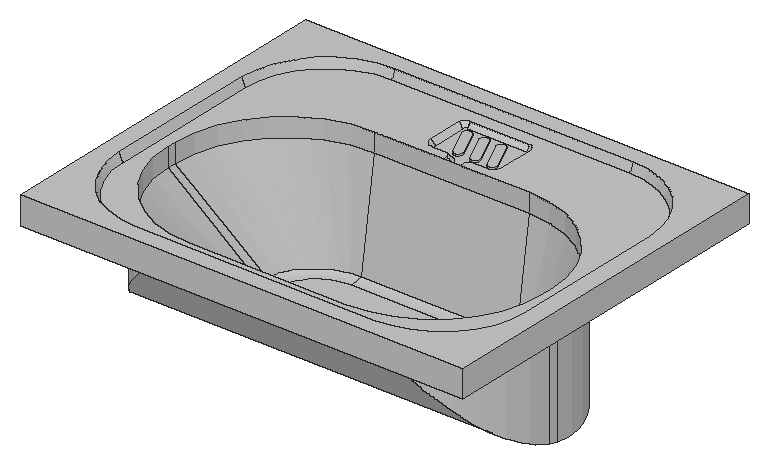
Revit family
Parameters (values of type "520 X 420")
  Height Of Basin = 172 mm
  Finished Floor Level = 900 mm
  Depth Of Basin = 270 mm
  Width Of Basin = 442 mm
  Waste Connection Radius = Waste Connection Diameter / 2  # 20 mm
  Waste Connection Diameter = 40 mm
  Waste Connection = 1 = 1  # yes
  WFU = 0
  Vent Connection = 1 = 0  # no
  URL = "http://www.autospec.co.za/browse.php?id=1644179284"
  Product Code = "None"
  OmniClass Title = ""
  OmniClass Number = ""
  Modspec Classification = ""
  Specification = ""
  Location (revit room) = ""
  Material = Stainless Steel Grade 304
  HW Connection = 1 = 0  # no
  Description = ""
  Depth = 420 mm
  Default Elevation = 0 mm
  Colour = none
  CW Connection = 1 = 0  # no
  Body Finish = none
  Width = 520 mm
  Model = "Single Wash Hand Basin SHB-001"
  Manufacturer = "Kwikot"  # constant formula
  Assembly Code = "D2010440"
Reference planes
  plane 1 "Back": y = 0
  plane 2 "Bottom": z = 0
  plane 3 "Center (Left/Right)": x = 0
  plane 4 "Left": x = -260
  plane 5 "Right": x = 260
  plane 6 "Front": y = -420
  plane 7 "Top": z = 900
  plane 8: z = 868
  plane 9 "Basin Center": x = -1
  plane 10: y = -380
  plane 11: y = -110
  plane 12: x = -222
  plane 13: x = 220
  plane 14: z = 728
Forms (mm)
  Extrusion 1, solid, material "Stainless Steel Grade 304" <- "Material"
    sketch origin (-260, -491, 4000) x (0, -1, 0) y (0, 0, 1)
      loop
        line (-491, -3132) -> (-71, -3132) -> (-71, -3100) -> (-491, -3100) -> (-491, -3132)
    from 0 to -520
  Blend 2, void
    base sketch origin (-779.234, -1524, 900) x (0, -1, 0) y (1, 0, 0)
      loop
        arc (-1504, 639.234) -> (-1474.711, 568.523) -> (-1404, 539.234) r 100
        line (-1404, 539.234) -> (-1224, 539.234)
        arc (-1224, 539.234) -> (-1153.289, 568.523) -> (-1124, 639.234) r 100
        line (-1124, 639.234) -> (-1124, 919.234)
        arc (-1124, 919.234) -> (-1153.289, 989.944) -> (-1224, 1019.234) r 100
        line (-1224, 1019.234) -> (-1404, 1019.234)
        arc (-1404, 1019.234) -> (-1474.711, 989.944) -> (-1504, 919.234) r 100
        line (-1504, 919.234) -> (-1504, 639.234)
    top sketch origin (-779.234, -1524, 900) x (0, -1, 0) y (1, 0, 0)
      loop
        arc (-1224, 543.234) -> (-1156.118, 571.351) -> (-1128, 639.234) r 96
        line (-1128, 639.234) -> (-1128, 919.234)
        arc (-1128, 919.234) -> (-1156.118, 987.116) -> (-1224, 1015.234) r 96
        line (-1224, 1015.234) -> (-1404, 1015.234)
        arc (-1404, 1015.234) -> (-1471.882, 987.116) -> (-1500, 919.234) r 96
        line (-1500, 919.234) -> (-1500, 639.234)
        arc (-1500, 639.234) -> (-1471.882, 571.351) -> (-1404, 543.234) r 96
        line (-1404, 543.234) -> (-1224, 543.234)
    from 0 to -10
  Extrusion 3, void
    sketch origin (-779.234, -1524, 900) x (0, -1, 0) y (-1, 0, 0)
      loop
        line (-1414, -687.234) -> (-1414, -869.234)
        arc (-1414, -869.234) -> (-1375.924, -961.158) -> (-1284, -999.234) r 130
        line (-1284, -999.234) -> (-1274, -999.234)
        arc (-1274, -999.234) -> (-1182.076, -961.158) -> (-1144, -869.234) r 130
        line (-1144, -869.234) -> (-1144, -687.234)
        arc (-1144, -687.234) -> (-1182.076, -595.31) -> (-1274, -557.234) r 130
        line (-1274, -557.234) -> (-1284, -557.234)
        arc (-1284, -557.234) -> (-1375.924, -595.31) -> (-1414, -687.234) r 130
    from 0 to 32
  Extrusion 4, solid, material "Stainless Steel Grade 304" <- "Material"
    sketch origin (-779.234, -1524, 868) x (-1, 0, 0) y (0, -1, 0)
      loop
        line (-549.234, -1284) -> (-549.234, -1272)
        arc (-549.234, -1272) -> (-588.188, -1177.955) -> (-682.234, -1139) r 133
        line (-682.234, -1139) -> (-874.234, -1139)
        arc (-874.234, -1139) -> (-968.279, -1177.955) -> (-1007.234, -1272) r 133
        line (-1007.234, -1272) -> (-1007.234, -1284)
        arc (-1007.234, -1284) -> (-968.279, -1378.045) -> (-874.234, -1417) r 133
        line (-874.234, -1417) -> (-682.234, -1417)
        arc (-682.234, -1417) -> (-588.188, -1378.045) -> (-549.234, -1284) r 133
    from 0 to -140
  Blend 5, void
    base sketch origin (-779.234, -1524, 900) x (0, -1, 0) y (1, 0, 0)
      loop
        arc (-1484, 744.734) -> (-1481.657, 739.077) -> (-1476, 736.734) r 8
        line (-1476, 736.734) -> (-1436, 736.734)
        arc (-1436, 736.734) -> (-1427.515, 740.248) -> (-1424, 748.734) r 12
        line (-1424, 748.734) -> (-1424, 764.234)
        arc (-1424, 764.234) -> (-1422.536, 767.769) -> (-1419, 769.234) r 5
        line (-1419, 769.234) -> (-1414, 769.234) -> (-1414, 789.234) -> (-1419, 789.234)
        arc (-1419, 789.234) -> (-1422.536, 790.698) -> (-1424, 794.234) r 5
        line (-1424, 794.234) -> (-1424, 809.734)
        arc (-1424, 809.734) -> (-1427.515, 818.219) -> (-1436, 821.734) r 12
        line (-1436, 821.734) -> (-1476, 821.734)
        arc (-1476, 821.734) -> (-1481.657, 819.391) -> (-1484, 813.734) r 8
        line (-1484, 813.734) -> (-1484, 744.734)
    top sketch origin (-779.234, -1524, 900) x (0, -1, 0) y (1, 0, 0)
      loop
        arc (-1436, 741.734) -> (-1431.05, 743.784) -> (-1429, 748.734) r 7
        line (-1429, 748.734) -> (-1429, 764.234)
        arc (-1429, 764.234) -> (-1426.071, 771.305) -> (-1419, 774.234) r 10
        line (-1419, 774.234) -> (-1417, 774.234) -> (-1417, 784.234) -> (-1419, 784.234)
        arc (-1419, 784.234) -> (-1426.071, 787.163) -> (-1429, 794.234) r 10
        line (-1429, 794.234) -> (-1429, 809.734)
        arc (-1429, 809.734) -> (-1431.05, 814.683) -> (-1436, 816.734) r 7
        line (-1436, 816.734) -> (-1476, 816.734)
        arc (-1476, 816.734) -> (-1478.121, 815.855) -> (-1479, 813.734) r 3
        line (-1479, 813.734) -> (-1479, 744.734)
        arc (-1479, 744.734) -> (-1478.121, 742.612) -> (-1476, 741.734) r 3
        line (-1476, 741.734) -> (-1436, 741.734)
    from -10 to -15
  Extrusion 6, solid, material "Stainless Steel Grade 304" <- "Material"
    sketch origin (-779.234, -1524, 900) x (-1, 0, 0) y (0, -1, 0)
      loop
        line (-747.445, -1467.587) -> (-762.236, -1435.867)
        arc (-762.236, -1435.867) -> (-768.881, -1433.448) -> (-771.299, -1440.093) r 5
        line (-771.299, -1440.093) -> (-756.508, -1471.814)
        arc (-756.508, -1471.814) -> (-749.863, -1474.232) -> (-747.445, -1467.587) r 5
      loop
        line (-767.445, -1467.587) -> (-782.236, -1435.867)
        arc (-782.236, -1435.867) -> (-788.881, -1433.448) -> (-791.299, -1440.093) r 5
        line (-791.299, -1440.093) -> (-776.508, -1471.814)
        arc (-776.508, -1471.814) -> (-769.863, -1474.232) -> (-767.445, -1467.587) r 5
      loop
        line (-787.445, -1467.587) -> (-802.236, -1435.867)
        arc (-802.236, -1435.867) -> (-808.881, -1433.448) -> (-811.299, -1440.093) r 5
        line (-811.299, -1440.093) -> (-796.508, -1471.814)
        arc (-796.508, -1471.814) -> (-789.863, -1474.232) -> (-787.445, -1467.587) r 5
    from -18 to -14
  Extrusion 7, void
    sketch origin (0, 0, 0) x (0, -1, 0) y (0, 0, 1)
      loop
        arc (385, 868) -> (310.879, 765.392) -> (190, 727.834) r 200.003
        line (190, 727.834) -> (190, 713) -> (400, 713) -> (400, 868) -> (385, 868)
      loop
        arc (155.145, 728) -> (123.384, 740.45) -> (107, 770.372) r 50
        line (107, 770.372) -> (102, 770.372) -> (102, 720.372) -> (155.145, 720.372) -> (155.145, 728)
    from -230 to 230
  Blend 8, void
    base sketch origin (-779.234, -1524, 868) x (0, -1, 0) y (1, 0, 0)
      loop
        line (-1144, 687.234) -> (-1144, 869.234)
        arc (-1144, 869.234) -> (-1182.076, 961.158) -> (-1274, 999.234) r 130
        line (-1274, 999.234) -> (-1284, 999.234)
        arc (-1284, 999.234) -> (-1375.924, 961.158) -> (-1414, 869.234) r 130
        line (-1414, 869.234) -> (-1414, 687.234)
        arc (-1414, 687.234) -> (-1375.924, 595.31) -> (-1284, 557.234) r 130
        line (-1284, 557.234) -> (-1274, 557.234)
        arc (-1274, 557.234) -> (-1182.076, 595.31) -> (-1144, 687.234) r 130
    top sketch origin (-779.234, -1524, 868) x (0, -1, 0) y (1, 0, 0)
      loop
        arc (-1394, 687.234) -> (-1378.62, 645.247) -> (-1339.759, 623.13) r 65
        arc (-1339.759, 623.13) -> (-1334.398, 622.458) -> (-1329, 622.234) r 65
        arc (-1329, 622.234) -> (-1283.038, 641.272) -> (-1264, 687.234) r 65
        line (-1264, 687.234) -> (-1264, 869.234)
        arc (-1264, 869.234) -> (-1283.038, 915.196) -> (-1329, 934.234) r 65
        arc (-1329, 934.234) -> (-1334.398, 934.009) -> (-1339.759, 933.337) r 65
        arc (-1339.759, 933.337) -> (-1378.62, 911.22) -> (-1394, 869.234) r 65
        line (-1394, 869.234) -> (-1394, 687.234)
    from 0 to -125
  Extrusion 9, solid, material "Stainless Steel Grade 304" <- "Material"
    sketch origin (-1108.106, -1524, 728) x (-1, 0, 0) y (0, -1, 0)
      loop
        circle (-1107.106, -1339) r 23
    from 0 to -20
  Extrusion 10, void
    sketch origin (-1108.106, -1524, 728) x (0, -1, 0) y (-1, 0, 0)
      loop
        circle (-1339, -1107.106) r 20
    from 20 to -15
  Sweep 11, solid, material "Stainless Steel Grade 304" <- "Material"
    path origin (-1108.106, -1524, 728) x (-1, 0, 0) y (0, -1, 0)
      loop
        line (-1016.106, -1264) -> (-1198.106, -1264)
        arc (-1198.106, -1264) -> (-1244.068, -1283.038) -> (-1263.106, -1329) r 65
        arc (-1263.106, -1329) -> (-1262.881, -1334.398) -> (-1262.209, -1339.759) r 65
        arc (-1262.209, -1339.759) -> (-1240.092, -1378.62) -> (-1198.106, -1394) r 65
        line (-1198.106, -1394) -> (-1016.106, -1394)
        arc (-1016.106, -1394) -> (-974.12, -1378.62) -> (-952.002, -1339.759) r 65
        arc (-952.002, -1339.759) -> (-951.33, -1334.398) -> (-951.106, -1329) r 65
        arc (-951.106, -1329) -> (-970.144, -1283.038) -> (-1016.106, -1264) r 65
    profile origin (-1, -260, 728) x (0, 1, 0) y (0, 0, 1)
      loop
        line (0, 15) -> (12.787, 15)
        arc (12.787, 15) -> (1.024, 17.402) -> (-8.855, 24.224) r 30
        line (-8.855, 24.224) -> (0, 15)
Cuts and joins
  Blend 2, Extrusion 3, Blend 5, Extrusion 7, Blend 8, Extrusion 10 cuts Extrusion 1
  Blend 5, Extrusion 7, Blend 8, Extrusion 10 cuts Extrusion 4
  Extrusion 7, Blend 8, Extrusion 10 cuts Extrusion 6
  joined: Extrusion 1, Extrusion 4, Extrusion 6, Sweep 11
  Extrusion 10 cuts Extrusion 9
Lines and regions (mm)
  symbolic lines
    curve 1: line (-260, 0, 900) -> (-260, -420, 900)
    curve 2: line (260, 0, 900) -> (-260, 0, 900)
    curve 3: line (260, -420, 900) -> (260, 0, 900)
    curve 4: line (-260, -420, 900) -> (260, -420, 900)
    curve 5: line (140, -400, 900) -> (-140, -400, 900)
    curve 6: line (-140, -396, 900) -> (140, -396, 900)
    curve 7: arc (-140, -400, 900) -> (-210.711, -370.711, 900) -> (-240, -300, 900) r 100
    curve 8: arc (-236, -300, 900) -> (-207.882, -367.882, 900) -> (-140, -396, 900) r 96
    curve 9: arc (240, -300, 900) -> (210.711, -370.711, 900) -> (140, -400, 900) r 100
    curve 10: arc (140, -396, 900) -> (207.882, -367.882, 900) -> (236, -300, 900) r 96
    curve 11: line (236, -300, 900) -> (236, -120, 900)
    curve 12: line (240, -120, 900) -> (240, -300, 900)
    curve 13: arc (236, -120, 900) -> (207.882, -52.118, 900) -> (140, -24, 900) r 96
    curve 14: arc (140, -20, 900) -> (210.711, -49.289, 900) -> (240, -120, 900) r 100
    curve 15: line (-140, -20, 900) -> (140, -20, 900)
    curve 16: line (140, -24, 900) -> (-140, -24, 900)
    curve 17: arc (-240, -120, 900) -> (-210.711, -49.289, 900) -> (-140, -20, 900) r 100
    curve 18: arc (-140, -24, 900) -> (-207.882, -52.118, 900) -> (-236, -120, 900) r 96
    curve 19: line (-240, -300, 900) -> (-240, -120, 900)
    curve 20: line (-236, -120, 900) -> (-236, -300, 900)
    curve 21: arc (-222, -240, 900) -> (-183.924, -148.076, 900) -> (-92, -110, 900) r 130
    curve 22: line (90, -110, 900) -> (-92, -110, 900)
    curve 23: arc (90, -110, 900) -> (181.924, -148.076, 900) -> (220, -240, 900) r 130
    curve 24: arc (220, -250, 900) -> (181.924, -341.924, 900) -> (90, -380, 900) r 130
    curve 25: line (220, -250, 900) -> (220, -240, 900)
    curve 26: line (-92, -380, 900) -> (90, -380, 900)
    curve 27: arc (-92, -380, 900) -> (-183.924, -341.924, 900) -> (-222, -250, 900) r 130
    curve 28: line (-222, -240, 900) -> (-222, -250, 900)
    curve 29: arc (-1, -165, 900) -> (19, -185, 900) -> (-1, -205, 900) r 20
    curve 30: arc (-1, -205, 900) -> (-21, -185, 900) -> (-1, -165, 900) r 20
    curve 31: line (-10, -110, 900) -> (-10, -105, 900)
    curve 32: arc (-10, -105, 900) -> (-11.464, -101.464, 900) -> (-15, -100, 900) r 5
    curve 33: line (-15, -100, 900) -> (-30.5, -100, 900)
    curve 34: arc (-30.5, -100, 900) -> (-38.985, -96.485, 900) -> (-42.5, -88, 900) r 12
    curve 35: line (-42.5, -88, 900) -> (-42.5, -48, 900)
    curve 36: arc (-42.5, -48, 900) -> (-40.157, -42.343, 900) -> (-34.5, -40, 900) r 8
    curve 37: line (-34.5, -40, 900) -> (34.5, -40, 900)
    curve 38: arc (34.5, -40, 900) -> (40.157, -42.343, 900) -> (42.5, -48, 900) r 8
    curve 39: line (42.5, -48, 900) -> (42.5, -88, 900)
    curve 40: arc (42.5, -88, 900) -> (38.985, -96.485, 900) -> (30.5, -100, 900) r 12
    curve 41: line (30.5, -100, 900) -> (15, -100, 900)
    curve 42: arc (15, -100, 900) -> (11.464, -101.464, 900) -> (10, -105, 900) r 5
    curve 43: line (10, -105, 900) -> (10, -110, 900)
    curve 44: line (5, -107, 900) -> (5, -105, 900)
    curve 45: arc (5, -105, 900) -> (7.929, -97.929, 900) -> (15, -95, 900) r 10
    curve 46: line (15, -95, 900) -> (30.5, -95, 900)
    curve 47: arc (30.5, -95, 900) -> (35.45, -92.95, 900) -> (37.5, -88, 900) r 7
    curve 48: line (37.5, -88, 900) -> (37.5, -48, 900)
    curve 49: arc (37.5, -48, 900) -> (36.621, -45.879, 900) -> (34.5, -45, 900) r 3
    curve 50: line (34.5, -45, 900) -> (-34.5, -45, 900)
    curve 51: arc (-34.5, -45, 900) -> (-36.621, -45.879, 900) -> (-37.5, -48, 900) r 3
    curve 52: line (-37.5, -48, 900) -> (-37.5, -88, 900)
    curve 53: arc (-37.5, -88, 900) -> (-35.45, -92.95, 900) -> (-30.5, -95, 900) r 7
    curve 54: line (-30.5, -95, 900) -> (-15, -95, 900)
    curve 55: arc (-15, -95, 900) -> (-7.929, -97.929, 900) -> (-5, -105, 900) r 10
    curve 56: line (-5, -105, 900) -> (-5, -107, 900)
    curve 57: line (-5, -107, 900) -> (5, -107, 900)
    curve 58: line (-5, -107, 900) -> (-10, -110, 900)
    curve 59: line (5, -107, 900) -> (10, -110, 900)
  symbolic lines, detail levels fine
    curve 60: line (-31.789, -56.413, 900) -> (-16.997, -88.133, 900)
    curve 61: arc (-16.997, -88.133, 900) -> (-10.353, -90.552, 900) -> (-7.934, -83.907, 900) r 5
    curve 62: line (-7.934, -83.907, 900) -> (-22.726, -52.186, 900)
    curve 63: arc (-22.726, -52.186, 900) -> (-29.371, -49.768, 900) -> (-31.789, -56.413, 900) r 5
    curve 64: line (-11.789, -56.413, 900) -> (3.003, -88.133, 900)
    curve 65: arc (3.003, -88.133, 900) -> (9.647, -90.552, 900) -> (12.066, -83.907, 900) r 5
    curve 66: line (12.066, -83.907, 900) -> (-2.726, -52.186, 900)
    curve 67: arc (-2.726, -52.186, 900) -> (-9.371, -49.768, 900) -> (-11.789, -56.413, 900) r 5
    curve 68: line (8.211, -56.413, 900) -> (23.003, -88.133, 900)
    curve 69: arc (23.003, -88.133, 900) -> (29.647, -90.552, 900) -> (32.066, -83.907, 900) r 5
    curve 70: line (32.066, -83.907, 900) -> (17.274, -52.186, 900)
    curve 71: arc (17.274, -52.186, 900) -> (10.629, -49.768, 900) -> (8.211, -56.413, 900) r 5
Dimensions and locks
  equal spacing: plane 4 "Left", plane 3 "Center (Left/Right)", plane 5 "Right"
  "Depth": plane 1 "Back" to plane 6 "Front"
  "Width": plane 4 "Left" to plane 5 "Right"
  "Finished Floor Level": plane 7 "Top" to plane 2 "Bottom"
  plane 10 to plane 6 "Front" = 40 mm
  "Depth Of Basin": plane 11 to plane 10
  "Width Of Basin": plane 12 to plane 13
  equal spacing: plane 12, plane 9 "Basin Center", plane 13
  locked: plane 9 "Basin Center" to plane 3 "Center (Left/Right)" at 1
  plane 7 "Top" to plane 8 = 32 mm
  "Height Of Basin": plane 7 "Top" to plane 14
  Blend 5 sketch curve to Blend 5 sketch curve = 20 mm
  Blend 5 sketch curve to Blend 5 sketch curve = 85 mm
  Blend 5 sketch curve to Blend 5 sketch curve = 60 mm
  plane 11 to curve 30 = 75 mm
  plane 11 to Extrusion 9 sketch curve = 75 mm
  radius of Extrusion 3 sketch curve = 130 mm  (x4)
  aligned and locked: level to plane 2 "Bottom"
  aligned and locked: Extrusion 1 sketch curve to plane 8
  aligned and locked: Extrusion 1 sketch curve to plane 1 "Back"
  aligned and locked: Extrusion 1 sketch curve to plane 6 "Front"
  aligned and locked: plane 7 "Top" to Extrusion 1 sketch curve
  aligned and locked: plane 4 "Left" to Extrusion 1
  aligned and locked: Extrusion 1 to plane 5 "Right"
  aligned and locked: plane 11 to Extrusion 3 sketch curve
  aligned and locked: Extrusion 3 sketch curve to plane 12
  aligned and locked: Extrusion 3 sketch curve to plane 10
  aligned and locked: plane 13 to Extrusion 3 sketch curve
  aligned and locked: plane 11 to Blend 5 sketch curve
  aligned and locked: cut or joined group 1 (Extrusion 1, Blend 2, Extrusion 3, Extrusion 4, Blend 5, Extrusion 6, Extrusion 7, Blend 8, Extrusion 10, Sweep 11) to Blend 5 sketch curve
  aligned and locked: curve 1 to cut or joined group 1
  aligned and locked: curve 2 to cut or joined group 1
  aligned and locked: curve 3 to cut or joined group 1
  aligned and locked: curve 4 to cut or joined group 1
  aligned and locked: curve 7 to cut or joined group 1
  aligned and locked: curve 8 to cut or joined group 1
  aligned and locked: curve 9 to cut or joined group 1
  aligned and locked: curve 10 to cut or joined group 1
  aligned and locked: curve 13 to cut or joined group 1
  aligned and locked: curve 14 to cut or joined group 1
  aligned and locked: curve 17 to cut or joined group 1
  aligned and locked: curve 18 to cut or joined group 1
  aligned and locked: curve 21 to cut or joined group 1
  aligned and locked: curve 23 to cut or joined group 1
  aligned and locked: curve 24 to cut or joined group 1
  aligned and locked: curve 27 to cut or joined group 1
  aligned and locked: curve 31 to cut or joined group 1
  aligned and locked: curve 32 to cut or joined group 1
  aligned and locked: curve 34 to cut or joined group 1
  aligned and locked: curve 36 to cut or joined group 1
  aligned and locked: curve 38 to cut or joined group 1
  aligned and locked: curve 40 to cut or joined group 1
  aligned and locked: curve 42 to cut or joined group 1
  aligned and locked: curve 44 to cut or joined group 1
  aligned and locked: curve 45 to cut or joined group 1
  aligned and locked: curve 47 to cut or joined group 1
  aligned and locked: curve 49 to cut or joined group 1
  aligned and locked: curve 51 to cut or joined group 1
  aligned and locked: curve 53 to cut or joined group 1
  aligned and locked: curve 55 to cut or joined group 1
  aligned and locked: curve 57 to cut or joined group 1
  aligned and locked: curve 58 to cut or joined group 1
  aligned and locked: curve 59 to cut or joined group 1
  aligned and locked: curve 61 to cut or joined group 1
  aligned and locked: curve 63 to cut or joined group 1
  aligned and locked: curve 65 to cut or joined group 1
  aligned and locked: curve 67 to cut or joined group 1
  aligned and locked: curve 69 to cut or joined group 1
  aligned and locked: curve 71 to cut or joined group 1
  aligned: plane 13 to cut or joined group 1
  aligned: cut or joined group 1 to plane 12
  aligned and locked: Blend 8 sketch curve to cut or joined group 1  (x4)
  aligned and locked: cut or joined group of Extrusion 9, Extrusion 10 to Extrusion 10
Automatic sketch dimensions
  plane 1 "Back" to Blend 2 sketch curve = 20 mm
  Blend 2 sketch curve to plane 11 = 10 mm  (x4)
  plane 10 to Blend 2 sketch curve = 80 mm  (x4)
  plane 5 "Right" to Blend 2 sketch curve = 20 mm
  plane 6 "Front" to Blend 2 sketch curve = 20 mm
  plane 12 to Blend 2 sketch curve = 82 mm
  plane 1 "Back" to Blend 2 sketch curve = 24 mm
  Blend 2 sketch curve to plane 12 = 14 mm
  plane 13 to Blend 2 sketch curve = 16 mm
  Blend 2 sketch curve to plane 10 = 16 mm
  plane 13 to Extrusion 4 sketch curve = 8 mm
  Extrusion 4 sketch curve to plane 10 = 5 mm
  Extrusion 4 sketch curve to plane 13 = 125 mm
  plane 3 "Center (Left/Right)" to Extrusion 4 sketch curve = 95 mm
  plane 11 to Extrusion 4 sketch curve = 3 mm
  Extrusion 4 sketch curve to plane 9 "Basin Center" = 96 mm
  plane 12 to Extrusion 4 sketch curve = 125 mm
  Extrusion 4 sketch curve to plane 12 = 8 mm
  plane 11 to Blend 5 sketch curve = 5 mm  (x2)
  Blend 5 sketch curve to Blend 5 sketch curve = 5 mm  (x2)
  Blend 5 sketch curve to Blend 5 sketch curve = 12 mm  (x2)
  Blend 5 sketch curve to Blend 5 sketch curve = 8 mm  (x2)
  Blend 5 sketch curve to plane 9 "Basin Center" = 41.5 mm
  Blend 5 sketch curve to plane 9 "Basin Center" = 14 mm  (x2)
  Blend 5 sketch curve to Blend 5 sketch curve = 2 mm  (x2)
  plane 11 to Blend 5 sketch curve = 15 mm
  Blend 5 sketch curve to Blend 5 sketch curve = 10 mm
  Blend 5 sketch curve to Blend 5 sketch curve = 7 mm  (x2)
  Blend 5 sketch curve to Blend 5 sketch curve = 40 mm  (x2)
  Blend 5 sketch curve to Blend 5 sketch curve = 3 mm
  Blend 5 sketch curve to plane 9 "Basin Center" = 36.5 mm
  plane 3 "Center (Left/Right)" to Blend 5 sketch curve = 5 mm
  Blend 5 sketch curve to Blend 5 sketch curve = 15.5 mm
  plane 3 "Center (Left/Right)" to Extrusion 6 sketch curve = 32.066 mm
  Extrusion 6 sketch curve to Extrusion 6 sketch curve = 4.532 mm  (x11)
  plane 3 "Center (Left/Right)" to Extrusion 6 sketch curve = 17.274 mm
  Extrusion 6 sketch curve to Extrusion 6 sketch curve = 10.937 mm  (x2)
  plane 3 "Center (Left/Right)" to Extrusion 6 sketch curve = 3.003 mm
  Extrusion 6 sketch curve to plane 9 "Basin Center" = 1.726 mm
  Extrusion 6 sketch curve to plane 9 "Basin Center" = 6.934 mm
  plane 1 "Back" to Extrusion 6 sketch curve = 52.186 mm
  Extrusion 6 sketch curve to Extrusion 6 sketch curve = 0 mm  (x4)
  Extrusion 6 sketch curve to Extrusion 6 sketch curve = 2.113 mm  (x6)
  plane 11 to Extrusion 6 sketch curve = 26.093 mm
  plane 1 "Back" to curve 2 = 0 mm
  curve 2 to plane 5 "Right" = 0 mm
  curve 1 to plane 4 "Left" = 0 mm
  curve 1 to plane 6 "Front" = 0 mm
  curve 62 to curve 60 = 4.226 mm  (x2)
  curve 62 to curve 63 = 2.113 mm
  curve 61 to curve 60 = 2.113 mm
  curve 45 to curve 66 = 2.934 mm
  curve 66 to plane 9 "Basin Center" = 1.726 mm
  curve 67 to curve 64 = 2.113 mm
  curve 65 to curve 64 = 2.113 mm
  curve 70 to curve 40 = 1.566 mm
  plane 11 to curve 68 = 21.867 mm
  curve 71 to curve 68 = 4.226 mm
  curve 70 to curve 71 = 2.113 mm
  curve 29 to curve 30 = 0 mm  (x2)
  curve 29 to plane 9 "Basin Center" = 0 mm
  curve 29 to plane 11 = 55 mm
  curve 29 to curve 29 = 20 mm
  Extrusion 7 sketch curve to plane 14 = 0 mm
  Extrusion 7 sketch curve to plane 8 = 0 mm
  plane 11 to Extrusion 7 sketch curve = 8 mm
  Extrusion 7 sketch curve to plane 11 = 45.145 mm
  Extrusion 7 sketch curve to plane 11 = 46.417 mm
  Extrusion 7 sketch curve to plane 14 = 15 mm
  Extrusion 7 sketch curve to Extrusion 7 sketch curve = 34.855 mm
  plane 7 "Top" to Extrusion 7 sketch curve = 27.793 mm
  Extrusion 7 sketch curve to plane 11 = 84.145 mm
  Extrusion 7 sketch curve to plane 10 = 5 mm
  plane 6 "Front" to Extrusion 7 sketch curve = 20 mm
  Extrusion 7 sketch curve to plane 14 = 7.628 mm
  plane 11 to Extrusion 7 sketch curve = 3 mm
  plane 14 to Extrusion 7 sketch curve = 42.372 mm
  Extrusion 9 sketch curve to plane 9 "Basin Center" = 0 mm
  Extrusion 10 sketch curve to plane 9 "Basin Center" = 0 mm
  Extrusion 10 sketch curve to plane 11 = 75 mm
  Blend 8 sketch curve to Blend 8 sketch curve = 0 mm  (x6)
  Blend 8 sketch curve to plane 11 = 20 mm
  Blend 8 sketch curve to Blend 8 sketch curve = 10.759 mm  (x2)
  Blend 8 sketch curve to plane 13 = 65.897 mm
  Blend 8 sketch curve to plane 9 "Basin Center" = 91 mm
  Blend 8 sketch curve to Blend 8 sketch curve = 54.241 mm
  plane 3 "Center (Left/Right)" to Sweep 11 sketch curve = 90 mm
  Sweep 11 sketch curve to plane 9 "Basin Center" = 91 mm
  plane 12 to Sweep 11 sketch curve = 65 mm
  Sweep 11 sketch curve to plane 11 = 85 mm
  Sweep 11 sketch curve to Sweep 11 sketch curve = 65 mm
  Sweep 11 sketch curve to Sweep 11 sketch curve = 0 mm  (x7)
  Sweep 11 sketch curve to Sweep 11 sketch curve = 0.897 mm  (x2)
  profile plane to Sweep 11 sketch curve = 8.855 mm  (x2)
  Sweep 11 sketch curve to profile plane = 12.787 mm
  plane 14 to Sweep 11 sketch curve = 15 mm
  Sweep 11 sketch curve to Sweep 11 sketch curve = 12.787 mm
  Sweep 11 sketch curve to Sweep 11 sketch curve = 9.224 mm
  Sweep 11 sketch curve to profile plane = 0 mm
  radius of Extrusion 9 sketch curve = 23 mm
  radius of Extrusion 10 sketch curve = 20 mm
Connectors
  piping at (-1, -185, 708), driven by "Waste Connection Radius", driven by "WFU"
    settings: on cut or joined group of Extrusion 9, Extrusion 10, index 1, connector radius 20 mm, flow factor 0, pipe flow 0.0 L/s, pressure drop 0.0 Pa, fitting loss kfactor 0, connector angle 0.00°, fixture units 0, flow configuration 3, flow direction 2, fitting loss method 0, system type 16, connector reference index -1, connector utility 0, adjustable connector no, is connector primary yes, fitting loss table "", connector description "Waste Connection"
